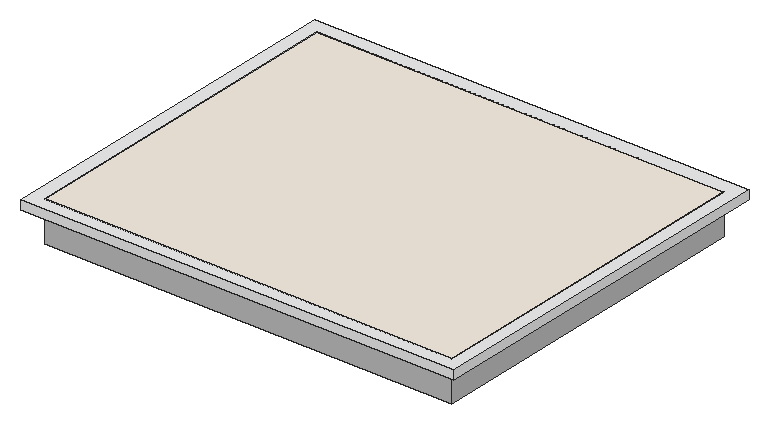
Revit family "Lighting-Industriale-GEWISS-ELIA-HL-LED_RIFLETTORE", category Apparecchi per illuminazione, host Superficie, Revit 2019 (continued)
Types (12, lengths in mm): name | Tensione | Scheda Tecnica | Potenza di sistema | Peso (kg): | Peso (kg) | Ottica | built-in parameter 1150142 | Lumen output (lm) | Modello | IDT | File diagramma fotometrico | Description
    5.45 1685.04 1609.22 1536.12 \r\n1464.72 1395.02 1325.66 1258.26 1193.91 1131.61 1070.15 \r\n1010.14 951.07 893.69 838.36 785.32 735.16 687.99 644.13 \r\n602.99 564.57 528.11 492.75 458.92 427.13 396.44 366.44 \r\n337.37 309.57 282.96 257.55 233.16 209.44 187.25 167.39 \r\n149.08 131.87 115.70 100.32 85.94 72.77 60.64 49.37 39.21 \r\n30.33 22.73 16.48 11.61 8.33 6.31 5.26 5.27 \r\n4943.60 4943.60 4943.60 4945.30 4946.15 4947.00 4948.70 \r\n4950.40 4952.10 4954.65 4956.35 4958.90 4962.30 4964.85 \r\n4968.25 4971.65 4975.90 4979.30 4984.40 4988.65 4993.75 \r\n4998.00 5003.10 5007.35 5012.45 5016.70 5020.95 5026.05 \r\n5031.15 5035.40 5040.50 5045.60 5050.70 5055.80 5061.75 \r\n5067.70 5073.65 5080.45 5086.40 5093.20 5099.15 5105.95 \r\n5111.90 5118.70 5125.50 5131.45 5138.25 5145.05 5151.00 \r\n5158.65 5165.45 5172.25 5179.05 5185.85 5191.80 5198.60 \r\n5205.40 5211.35 5218.15 5223.25 5228.35 5231.75 5236.00 \r\n5238.55 5241.95 5243.65 5245.35 5245.35 5245.35 5243.65 \r\n5241.95 5240.25 5236.85 5232.60 5226.65 5219.85 5212.20 \r\n5203.70 5192.65 5182.45 5169.70 5156.95 5142.50 5127.20 \r\n5110.20 5092.35 5072.80 5051.55 5028.60 5006.50 4981.85 \r\n4952.95 4921.50 4886.65 4849.25 4808.45 4763.40 4711.55 \r\n4653.75 4590.00 4521.15 4449.75 4374.10 4299.30 4221.95 \r\n4139.50 4049.40 3950.80 3846.25 3734.90 3621.00 3507.10 \r\n3394.05 3284.40 3174.75 3068.50 2964.80 2867.05 2770.15 \r\n2669.85 2571.25 2475.20 2381.70 2287.35 2194.70 2107.15 \r\n2021.30 1934.60 1848.75 1766.30 1686.14 1610.15 1536.80 \r\n1464.89 1394.68 1325.66 1258.60 1194.42 1131.94 1070.66 \r\n1010.57 951.58 894.12 838.78 785.74 735.42 688.16 644.22 \r\n603.08 564.57 528.11 492.83 459.00 427.04 396.44 366.44 \r\n337.45 309.83 283.31 257.72 233.32 209.70 187.59 167.59 \r\n149.20 131.95 115.75 100.40 86.05 72.86 60.70 49.44 39.29 \r\n30.35 22.73 16.50 11.68 8.41 6.38 5.31 5.28 \r\n4943.60 4943.60 4943.60 4945.30 4946.15 4947.00 4947.85 \r\n4950.40 4952.10 4953.80 4956.35 4958.90 4962.30 4964.85 \r\n4968.25 4971.65 4975.90 4979.30 4984.40 4988.65 4993.75 \r\n4998.00 5003.10 5007.35 5012.45 5017.55 5020.95 5026.05 \r\n5031.15 5036.25 5040.50 5046.45 5051.55 5057.50 5062.60 \r\n5068.55 5074.50 5081.30 5088.10 5094.05 5100.00 5105.95 \r\n5112.75 5118.70 5125.50 5132.30 5139.95 5145.90 5152.70 \r\n5158.65 5166.30 5173.10 5179.90 5186.70 5193.50 5200.30 \r\n5206.25 5213.05 5218.15 5223.25 5228.35 5233.45 5236.85 \r\n5240.25 5242.80 5245.35 5246.20 5247.05 5246.20 5245.35 \r\n5243.65 5241.10 5238.55 5233.45 5228.35 5221.55 5213.90 \r\n5204.55 5194.35 5182.45 5171.40 5157.80 5144.20 5128.05 \r\n5111.05 5092.35 5073.65 5052.40 5030.30 5006.50 4981.00 \r\n4952.95 4922.35 4887.50 4850.10 4808.45 4763.40 4712.40 \r\n4654.60 4590.00 4522.00 4449.75 4374.10 4300.15 4221.10 \r\n4137.80 4049.40 3950.80 3846.25 3734.90 3621.85 3507.95 \r\n3395.75 3284.40 3175.60 3069.35 2965.65 2867.90 2770.15 \r\n2670.70 2571.25 2476.05 2382.55 2288.20 2196.40 2108.00 \r\n2021.30 1935.45 1850.45 1768.00 1687.42 1611.26 1537.56 \r\n1465.23 1394.60 1325.74 1259.02 1194.93 1132.54 1071.26 \r\n1011.25 952.17 894.71 839.29 786.25 736.01 688.59 644.64 \r\n603.41 564.83 528.27 492.92 459.17 427.13 396.44 366.52 \r\n337.70 310.17 283.73 258.14 233.50 209.95 187.85 167.91 \r\n149.40 132.08 115.86 100.54 86.22 73.00 60.79 49.53 39.36 \r\n30.40 22.73 16.53 11.75 8.49 6.45 5.35 5.28 \r\n4943.60 4943.60 4943.60 4944.45 4946.15 4947.00 4948.70 \r\n4950.40 4952.10 4953.80 4956.35 4958.90 4962.30 4964.85 \r\n4968.25 4971.65 4975.05 4979.30 4984.40 4988.65 4993.75 \r\n4998.00 5003.10 5008.20 5012.45 5017.55 5021.80 5026.05 \r\n5031.15 5036.25 5042.20 5046.45 5051.55 5057.50 5063.45 \r\n5069.40 5076.20 5081.30 5088.10 5094.05 5100.85 5107.65 \r\n5113.60 5119.55 5127.20 5133.15 5139.95 5146.75 5152.70 \r\n5160.35 5166.30 5173.95 5180.75 5187.55 5193.50 5200.30 \r\n5207.10 5213.05 5219.85 5224.95 5230.05 5234.30 5238.55 \r\n5241.95 5244.50 5246.20 5247.90 5247.90 5247.05 5246.20 \r\n5244.50 5241.95 5238.55 5234.30 5229.20 5223.25 5214.75 \r\n5205.40 5195.20 5184.15 5172.25 5159.50 5144.20 5128.90 \r\n5111.90 5093.20 5073.65 5053.25 5030.30 5007.35 4981.85 \r\n4953.80 4922.35 4887.50 4850.10 4809.30 4763.40 4712.40 \r\n4654.60 4590.85 4522.00 4449.75 4374.95 4300.15 4221.10 \r\n4137.80 4048.55 3950.80 3846.25 3736.60 3622.70 3508.80 \r\n3396.60 3285.25 3176.45 3070.20 2966.50 2867.90 2771.00 \r\n2671.55 2572.10 2476.05 2382.55 2289.05 2197.25 2109.70 \r\n2023.00 1936.30 1852.15 1768.85 1688.78 1612.45 1538.41 \r\n1465.48 1394.51 1326.00 1259.62 1195.61 1133.31 1072.02 \r\n1012.01 952.93 895.47 839.97 786.93 736.70 689.18 645.15 \r\n603.84 565.16 528.45 493.17 459.42 427.38 396.52 366.69 \r\n337.96 310.50 284.15 258.49 233.84 210.29 188.36 168.24 \r\n149.65 132.27 116.03 100.72 86.43 73.17 60.92 49.65 39.47 \r\n30.45 22.75 16.57 11.83 8.57 6.52 5.40 5.29 \r\n4943.60 4943.60 4943.60 4944.45 4946.15 4947.85 4948.70 \r\n4950.40 4952.10 4953.80 4956.35 4958.90 4962.30 4964.85 \r\n4968.25 4971.65 4975.05 4979.30 4984.40 4988.65 4993.75 \r\n4998.00 5003.10 5008.20 5012.45 5017.55 5022.65 5026.90 \r\n5032.00 5037.10 5042.20 5048.15 5052.40 5058.35 5064.30 \r\n5070.25 5076.20 5082.15 5088.95 5095.75 5101.70 5107.65 \r\n5114.45 5120.40 5127.20 5134.00 5140.80 5147.60 5154.40 \r\n5160.35 5168.00 5174.80 5181.60 5188.40 5195.20 5202.00 \r\n5207.95 5214.75 5219.85 5226.65 5230.90 5236.00 5239.40 \r\n5242.80 5245.35 5247.05 5247.90 5248.75 5247.90 5247.05 \r\n5245.35 5242.80 5239.40 5236.00 5230.05 5223.25 5216.45 \r\n5207.10 5196.90 5185.00 5173.95 5160.35 5145.90 5129.75 \r\n5112.75 5094.90 5075.35 5053.25 5030.30 5007.35 4981.85 \r\n4953.80 4922.35 4888.35 4850.95 4809.30 4763.40 4712.40 \r\n4654.60 4590.00 4521.15 4449.75 4374.95 4299.30 4220.25 \r\n4136.95 4047.70 3949.95 3846.25 3736.60 3623.55 3510.50 \r\n3397.45 3286.10 3177.30 3070.20 2966.50 2867.90 2771.00 \r\n2670.70 2572.10 2476.05 2382.55 2289.05 2198.95 2110.55 \r\n2023.85 1937.15 1852.15 1769.70 1690.31 1613.64 1539.27 \r\n1465.82 1394.43 1326.17 1260.30 1196.38 1134.07 1072.95 \r\n1013.03 953.87 896.33 840.82 787.70 737.46 690.03 645.83 \r\n604.43 565.59 528.70 493.42 459.77 427.55 396.69 366.86 \r\n338.21 310.85 284.58 258.91 234.26 210.80 188.87 168.61 \r\n149.96 132.51 116.22 100.94 86.67 73.36 61.07 49.78 39.58 \r\n30.51 22.76 16.61 11.90 8.65 6.59 5.44 5.29 \r\n4943.60 4943.60 4943.60 4944.45 4946.15 4947.85 4948.70 \r\n4950.40 4952.10 4953.80 4956.35 4958.90 4962.30 4964.85 \r\n4968.25 4971.65 4975.05 4980.15 4984.40 4988.65 4993.75 \r\n4998.85 5003.10 5008.20 5013.30 5017.55 5022.65 5026.90 \r\n5032.00 5037.10 5043.05 5048.15 5054.10 5059.20 5065.15 \r\n5071.10 5077.05 5083.85 5089.80 5095.75 5102.55 5108.50 \r\n5114.45 5121.25 5128.05 5134.85 5141.65 5147.60 5154.40 \r\n5162.05 5168.00 5175.65 5182.45 5188.40 5195.20 5202.00 \r\n5208.80 5215.60 5221.55 5227.50 5232.60 5236.85 5241.10 \r\n5243.65 5247.05 5248.75 5248.75 5248.75 5248.75 5247.90 \r\n5246.20 5243.65 5240.25 5236.85 5230.90 5224.95 5216.45 \r\n5207.95 5197.75 5186.70 5174.80 5161.20 5146.75 5129.75 \r\n5112.75 5094.90 5075.35 5054.10 5030.30 5007.35 4981.85 \r\n4953.80 4922.35 4888.35 4850.95 4810.15 4764.25 4711.55 \r\n4654.60 4590.00 4521.15 4449.75 4374.95 4299.30 4220.25 \r\n4136.10 4046.85 3950.80 3847.10 3737.45 3624.40 3511.35 \r\n3398.30 3287.80 3178.15 3071.05 2967.35 2868.75 2771.85 \r\n2671.55 2572.10 2476.90 2382.55 2290.75 2199.80 2112.25 \r\n2024.70 1938.00 1853.85 1771.40 1691.76 1615.09 1540.29 \r\n1466.25 1394.43 1326.51 1261.06 1197.22 1135.01 1073.89 \r\n1013.97 954.80 897.26 841.75 788.63 738.39 690.88 646.68 \r\n605.03 566.10 529.13 493.77 460.11 427.81 396.87 367.12 \r\n338.56 311.36 285.09 259.34 234.51 211.23 189.29 169.10 \r\n150.31 132.78 116.44 101.18 86.94 73.58 61.23 49.92 39.71 \r\n30.57 22.79 16.66 11.98 8.73 6.66 5.49 5.30 \r\n4943.60 4943.60 4944.45 4944.45 4946.15 4947.85 4948.70 \r\n4950.40 4952.10 4953.80 4955.50 4958.90 4962.30 4964.85 \r\n4968.25 4971.65 4975.05 4980.15 4984.40 4988.65 4993.75 \r\n4998.85 5003.10 5008.20 5013.30 5018.40 5023.50 5028.60 \r\n5032.85 5037.95 5043.05 5049.00 5054.10 5060.05 5066.00 \r\n5071.95 5078.75 5083.85 5090.65 5096.60 5103.40 5109.35 \r\n5116.15 5122.10 5128.90 5135.70 5141.65 5148.45 5156.10 \r\n5162.05 5169.70 5176.50 5182.45 5190.10 5196.90 5203.70 \r\n5209.65 5216.45 5222.40 5228.35 5233.45 5237.70 5241.95 \r\n5245.35 5247.90 5249.60 5249.60 5249.60 5249.60 5248.75 \r\n5247.05 5244.50 5241.95 5236.85 5232.60 5225.80 5218.15 \r\n5208.80 5198.60 5187.55 5175.65 5162.05 5146.75 5131.45 \r\n5113.60 5095.75 5076.20 5054.10 5031.15 5007.35 4981.85 \r\n4953.80 4922.35 4889.20 4851.80 4810.15 4764.25 4711.55 \r\n4653.75 4589.15 4521.15 4448.90 4374.10 4299.30 4219.40 \r\n4136.10 4046.00 3949.95 3847.10 3737.45 3624.40 3512.20 \r\n3400.00 3287.80 3178.15 3071.05 2967.35 2868.75 2771.00 \r\n2671.55 2572.10 2476.90 2383.40 2290.75 2200.65 2112.25 \r\n2025.55 1939.70 1855.55 1773.10 1693.29 1616.36 1541.22 \r\n1466.68 1394.68 1327.02 1261.82 1198.16 1135.86 1074.91 \r\n1015.07 955.91 898.20 842.69 789.57 739.25 691.73 647.45 \r\n605.79 566.53 529.47 494.11 460.44 428.14 397.04 367.37 \r\n338.89 311.78 285.60 259.76 234.94 211.65 189.80 169.52 \r\n150.67 133.08 116.69 101.44 87.22 73.81 61.41 50.07 39.83 \r\n30.65 22.82 16.71 12.06 8.81 6.73 5.53 5.31 \r\n4943.60 4943.60 4944.45 4944.45 4946.15 4947.00 4948.70 \r\n4950.40 4952.10 4953.80 4956.35 4958.90 4962.30 4964.00 \r\n4968.25 4971.65 4975.90 4980.15 4984.40 4989.50 4993.75 \r\n4998.85 5003.95 5008.20 5013.30 5018.40 5023.50 5028.60 \r\n5033.70 5038.80 5044.75 5049.00 5054.95 5060.90 5066.85 \r\n5071.95 5078.75 5084.70 5091.50 5098.30 5103.40 5110.20 \r\n5116.15 5122.95 5128.90 5135.70 5143.35 5149.30 5156.10 \r\n5162.90 5170.55 5176.50 5184.15 5190.95 5196.90 5203.70 \r\n5210.50 5217.30 5224.10 5229.20 5235.15 5238.55 5242.80 \r\n5246.20 5248.75 5250.45 5251.30 5251.30 5250.45 5249.60 \r\n5247.90 5246.20 5242.80 5238.55 5233.45 5226.65 5219.00 \r\n5210.50 5199.45 5188.40 5176.50 5162.90 5147.60 5132.30 \r\n5113.60 5095.75 5076.20 5054.95 5031.15 5007.35 4982.70 \r\n4953.80 4922.35 4889.20 4852.65 4810.15 4764.25 4711.55 \r\n4652.90 4588.30 4520.30 4448.05 4374.10 4298.45 4219.40 \r\n4135.25 4046.00 3949.95 3847.10 3738.30 3625.25 3513.05 \r\n3400.00 3289.50 3178.15 3071.90 2968.20 2868.75 2771.85 \r\n2672.40 2572.95 2476.90 2383.40 2290.75 2201.50 2113.95 \r\n2026.40 1940.55 1855.55 1774.80 1694.81 1617.63 1542.15 \r\n1467.36 1394.94 1327.53 1262.85 1199.10 1136.79 1075.85 \r\n1016.00 956.84 899.13 843.71 790.50 740.26 692.75 648.29 \r\n606.56 567.12 529.89 494.62 460.87 428.31 397.29 367.54 \r\n339.23 312.20 286.11 260.19 235.28 212.16 190.40 170.06 \r\n151.05 133.39 116.97 101.72 87.50 74.06 61.61 50.23 39.97 \r\n30.74 22.87 16.77 12.14 8.89 6.79 5.57 5.31 \r\n4943.60 4943.60 4944.45 4944.45 4946.15 4947.00 4948.70 \r\n4950.40 4952.10 4953.80 4956.35 4958.90 4962.30 4964.00 \r\n4968.25 4971.65 4975.90 4980.15 4984.40 4989.50 4993.75 \r\n4998.85 5003.95 5009.05 5013.30 5018.40 5023.50 5028.60 \r\n5033.70 5039.65 5044.75 5050.70 5055.80 5061.75 5066.85 \r\n5073.65 5079.60 5086.40 5091.50 5098.30 5105.10 5110.20 \r\n5117.00 5122.95 5129.75 5136.55 5143.35 5150.15 5156.95 \r\n5163.75 5170.55 5178.20 5184.15 5190.95 5198.60 5205.40 \r\n5212.20 5219.00 5224.95 5230.05 5235.15 5240.25 5244.50 \r\n5247.05 5250.45 5251.30 5252.15 5252.15 5252.15 5250.45 \r\n5248.75 5247.05 5243.65 5239.40 5234.30 5227.50 5219.85 \r\n5210.50 5200.30 5189.25 5176.50 5163.75 5148.45 5131.45 \r\n5114.45 5096.60 5076.20 5054.95 5032.00 5007.35 4981.85 \r\n4953.80 4922.35 4889.20 4852.65 4811.00 4763.40 4710.70 \r\n4652.05 4587.45 4519.45 4447.20 4374.10 4297.60 4218.55 \r\n4134.40 4045.15 3949.10 3847.10 3738.30 3626.10 3513.90 \r\n3400.85 3289.50 3179.85 3071.90 2968.20 2869.60 2771.00 \r\n2671.55 2572.95 2476.90 2383.40 2292.45 2202.35 2113.95 \r\n2027.25 1941.40 1857.25 1774.80 1696.09 1618.82 1543.09 \r\n1467.95 1395.36 1328.21 1263.78 1200.03 1137.72 1076.87 \r\n1017.11 957.87 900.15 844.56 791.43 741.20 693.68 649.14 \r\n607.33 567.72 530.32 494.95 461.21 428.65 397.55 367.96 \r\n339.58 312.63 286.62 260.61 235.79 212.59 190.91 170.52 \r\n151.44 133.72 117.25 102.00 87.79 74.31 61.80 50.40 40.09 \r\n30.82 22.92 16.83 12.22 8.96 6.85 5.60 5.32 \r\n4943.60 4943.60 4944.45 4944.45 4946.15 4947.00 4948.70 \r\n4950.40 4952.10 4953.80 4956.35 4958.90 4962.30 4964.00 \r\n4968.25 4972.50 4975.90 4980.15 4984.40 4989.50 4993.75 \r\n4998.85 5003.95 5009.05 5014.15 5019.25 5024.35 5029.45 \r\n5034.55 5039.65 5044.75 5050.70 5056.65 5062.60 5068.55 \r\n5073.65 5079.60 5086.40 5092.35 5099.15 5105.10 5111.90 \r\n5117.85 5123.80 5130.60 5137.40 5144.20 5151.00 5157.80 \r\n5164.60 5172.25 5178.20 5185.85 5192.65 5199.45 5206.25 \r\n5213.05 5219.85 5225.80 5231.75 5236.00 5241.10 5245.35 \r\n5248.75 5250.45 5252.15 5253.00 5253.00 5252.15 5251.30 \r\n5249.60 5247.05 5243.65 5240.25 5235.15 5229.20 5220.70 \r\n5211.35 5201.15 5190.10 5177.35 5164.60 5148.45 5132.30 \r\n5115.30 5096.60 5076.20 5054.95 5032.00 5008.20 4982.70 \r\n4953.80 4923.20 4890.05 4853.50 4811.00 4763.40 4710.70 \r\n4651.20 4586.60 4518.60 4446.35 4373.25 4296.75 4218.55 \r\n4133.55 4044.30 3948.25 3846.25 3738.30 3626.10 3513.90 \r\n3401.70 3289.50 3179.85 3072.75 2969.05 2869.60 2771.85 \r\n2671.55 2573.80 2476.90 2383.40 2292.45 2203.20 2114.80 \r\n2028.10 1942.25 1858.10 1776.50 1697.62 1620.02 1544.11 \r\n1468.63 1395.95 1328.97 1264.80 1201.13 1138.74 1077.80 \r\n1018.04 958.72 900.91 845.50 792.37 742.13 694.71 650.08 \r\n608.00 568.22 530.65 495.30 461.55 428.91 397.71 368.13 \r\n339.92 313.06 286.96 261.04 236.13 213.09 191.42 170.99 \r\n151.82 134.05 117.54 102.29 88.06 74.55 61.99 50.55 40.22 \r\n30.91 22.98 16.90 12.29 9.03 6.91 5.64 5.32 \r\n4943.60 4943.60 4944.45 4944.45 4946.15 4947.00 4948.70 \r\n4950.40 4952.10 4953.80 4956.35 4958.90 4962.30 4964.00 \r\n4968.25 4972.50 4976.75 4980.15 4985.25 4989.50 4994.60 \r\n4999.70 5003.95 5009.05 5014.15 5019.25 5024.35 5029.45 \r\n5034.55 5039.65 5045.60 5050.70 5056.65 5062.60 5068.55 \r\n5074.50 5081.30 5086.40 5092.35 5099.15 5105.95 5111.90 \r\n5118.70 5124.65 5131.45 5137.40 5145.05 5151.85 5158.65 \r\n5166.30 5172.25 5179.90 5186.70 5193.50 5201.15 5207.95 \r\n5214.75 5221.55 5227.50 5232.60 5237.70 5241.95 5246.20 \r\n5249.60 5251.30 5253.00 5254.70 5254.70 5253.00 5252.15 \r\n5250.45 5247.90 5244.50 5241.10 5235.15 5230.05 5221.55 \r\n5212.20 5202.00 5190.10 5178.20 5164.60 5149.30 5133.15 \r\n5115.30 5096.60 5077.05 5055.80 5032.85 5009.05 4983.55 \r\n4954.65 4924.05 4890.90 4854.35 4811.85 4763.40 4709.85 \r\n4650.35 4585.75 4516.05 4446.35 4372.40 4297.60 4218.55 \r\n4133.55 4043.45 3948.25 3846.25 3737.45 3626.10 3513.90 \r\n3400.85 3289.50 3179.85 3073.60 2969.90 2869.60 2771.00 \r\n2672.40 2573.80 2476.90 2382.55 2292.45 2203.20 2115.65 \r\n2028.10 1942.25 1858.10 1777.35 1698.13 1620.53 1544.88 \r\n1469.90 1397.82 1331.02 1266.59 1202.32 1139.51 1078.48 \r\n1018.64 959.31 901.34 845.92 792.88 742.64 695.22 650.59 \r\n608.60 568.65 531.00 495.55 461.72 429.25 398.06 368.39 \r\n340.17 313.14 287.05 261.12 236.30 213.26 191.68 171.22 \r\n152.08 134.35 117.86 102.54 88.24 74.71 62.17 50.69 40.32 \r\n31.02 23.09 16.99 12.37 9.10 6.97 5.68 5.33 \r\n4943.60 4943.60 4944.45 4944.45 4946.15 4947.00 4948.70 \r\n4950.40 4952.10 4953.80 4956.35 4958.90 4962.30 4964.85 \r\n4968.25 4972.50 4976.75 4980.15 4985.25 4989.50 4994.60 \r\n4999.70 5004.80 5010.75 5015.00 5020.10 5025.20 5030.30 \r\n5035.40 5041.35 5046.45 5052.40 5057.50 5062.60 5068.55 \r\n5075.35 5081.30 5087.25 5093.20 5099.15 5105.95 5112.75 \r\n5118.70 5125.50 5131.45 5138.25 5145.90 5152.70 5158.65 \r\n5166.30 5173.95 5180.75 5188.40 5195.20 5202.00 5208.80 \r\n5215.60 5222.40 5229.20 5234.30 5238.55 5243.65 5247.90 \r\n5251.30 5253.00 5254.70 5254.70 5254.70 5254.70 5253.85 \r\n5252.15 5249.60 5246.20 5241.95 5236.85 5230.05 5222.40 \r\n5213.05 5202.85 5190.95 5179.05 5165.45 5150.15 5133.15 \r\n5116.15 5097.45 5077.90 5056.65 5033.70 5009.90 4984.40 \r\n4956.35 4924.90 4892.60 4855.20 4811.85 4763.40 4709.00 \r\n4649.50 4584.90 4515.20 4444.65 4372.40 4296.75 4217.70 \r\n4133.55 4043.45 3947.40 3846.25 3737.45 3625.25 3512.20 \r\n3400.00 3289.50 3179.85 3073.60 2969.05 2869.60 2771.85 \r\n2671.55 2573.80 2477.75 2383.40 2291.60 2203.20 2114.80 \r\n2028.10 1943.10 1859.80 1777.35 1698.56 1621.04 1545.56 \r\n1471.27 1399.78 1332.97 1268.37 1203.60 1140.36 1079.08 \r\n1019.15 959.57 901.68 846.26 793.39 743.16 695.64 651.10 \r\n6
